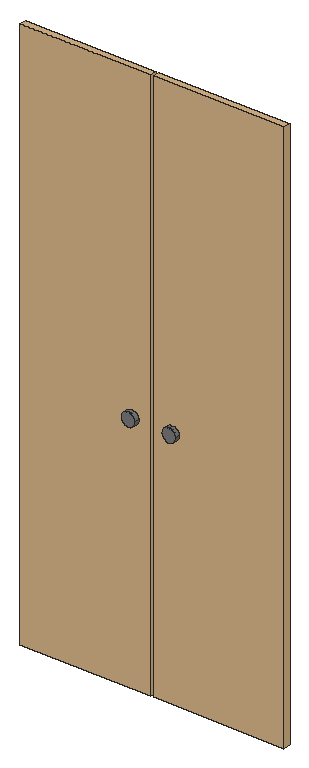
Revit family "PKNail Double", category Doors, host Wall, Revit 2017
Family settings
  Host = Wall
  Always vertical = Yes
  Cut with Voids When Loaded = No
  Shared = No
  Room Calculation Point = No
Parameters (values of type "1000 x 2100mm")
  Width = 1000.00 mm
  PKNail Family Lateral Orientation = "None"
  PKNail Family Facing Orientation = "Swinging"
  PKNail Family = "Double"
  Height = 2100.00 mm
  Function = Interior
  Assembly Code = ""
Reference planes
  plane 1: y = 0
  plane 2 "Center (Left/Right)": x = 0
  plane 3 "Wall Edge": y = 76.2
  plane 4: x = -500
  plane 5: x = 500
  plane 6: z = 2100
Forms (mm)
  Extrusion 1, void
    sketch origin (0, 76.2, 0) x (1, 0, 0) y (0, 0, 1)
      loop
        line (500, 2100) -> (-500, 2100) -> (-500, 0) -> (500, 0) -> (500, 2100)
    from 0 to 1524
  Extrusion 2, solid, material "Door - Panel"
    sketch origin (0, 76.2, 0) x (1, 0, 0) y (0, 0, 1)
      loop
        line (6.35, 3.175) -> (496.825, 3.175) -> (496.825, 2096.825) -> (6.35, 2096.825) -> (6.35, 3.175)
    from 0 to 25
  Extrusion 3, solid, material "Door - Panel"
    sketch origin (-460.375, 76.2, 0) x (1, 0, 0) y (0, 0, 1)
      loop
        line (-36.45, 3.175) -> (454.025, 3.175) -> (454.025, 2096.825) -> (-36.45, 2096.825) -> (-36.45, 3.175)
    from 0 to 25
  Extrusion 4, solid, material "Door - Knob"
    sketch origin (-69.85, 76.2, 914.4) x (1, 0, 0) y (0, 0, 1)
      loop
        circle (-6.35, 3.175) r 25.4
    from 0 to -19.05
  Extrusion 5, solid, material "Door - Knob"
    sketch origin (82.55, 76.2, 914.4) x (1, 0, 0) y (0, 0, 1)
      loop
        circle (-6.35, 3.175) r 25.4
    from 0 to -19.05
  Extrusion 6, solid, material "Door - Knob"
    sketch origin (-6.35, 76.2, 304.8) x (1, 0, 0) y (0, 0, 1)
      loop
        circle (82.55, 612.775) r 25.4
    from 41.117 to 25.4
  Extrusion 7, solid, material "Door - Knob"
    sketch origin (-158.75, 76.2, 304.8) x (1, 0, 0) y (0, 0, 1)
      loop
        circle (82.55, 612.775) r 25.4
    from 41.117 to 25.4
Lines and regions (mm)
  symbolic lines
    curve 1: line (500, 76.2, 0) -> (500, 569.85, 0)
    curve 2: line (475, 76.2, 0) -> (475, 569.217, 0)
    curve 3: arc (6.35, 76.2, 0) -> (150.937, 425.263, 0) -> (500, 569.85, 0) r 493.65
    curve 4: arc (-9.52, 76.185, 0) -> (-153.178, 423.006, 0) -> (-500, 566.665, 0) r 490.48
    curve 5: line (-500, 76.2, 0) -> (-500, 566.665, 0)
    curve 6: line (-475, 76.2, 0) -> (-475, 566.675, 0)
Text (mm)
  text "Placement Side" at (0, 1019.848, 3124.603), in view "Right"
  text "Placement Side" at (-2332.134, 1152.858, 0), in view "Ref. Level"
  text "Placement Side" at (0, 2073.289, 3571.227), in view "Left"
Dimensions and locks
  locked: plane 3 "Wall Edge" to host wall
  equal spacing: plane 5, plane 2 "Center (Left/Right)", plane 4
  "Width": plane 5 to plane 4
  "Height": level to plane 6
  aligned and locked: plane 5 to Extrusion 1 sketch curve
  aligned and locked: plane 6 to Extrusion 1 sketch curve
  aligned and locked: level to Extrusion 1 sketch curve
  aligned and locked: Extrusion 1 sketch curve to plane 4
Automatic sketch dimensions
  curve 5 to host wall = 0.00 mm
  curve 4 to host wall = 0.015 mm
  curve 6 to host wall = 0.00 mm
  curve 3 to host wall = 0.00 mm
  curve 2 to host wall = 0.00 mm
  curve 3 to plane 5 = 0.00 mm
  curve 1 to host wall = 0.00 mm
  curve 2 to plane 5 = 25.00 mm
  plane 2 "Center (Left/Right)" to curve 3 = 6.35 mm
  plane 4 to curve 6 = 25.00 mm
  plane 4 to curve 4 = 0.00 mm
  curve 4 to curve 6 = 0.01 mm
  plane 2 "Center (Left/Right)" to Extrusion 2 sketch curve = 6.35 mm
  Extrusion 2 sketch curve to plane 5 = 3.175 mm
  level to Extrusion 2 sketch curve = 3.175 mm
  Extrusion 2 sketch curve to plane 6 = 3.175 mm
  plane 4 to Extrusion 3 sketch curve = 3.175 mm
  level to Extrusion 3 sketch curve = 3.175 mm
  Extrusion 3 sketch curve to plane 2 "Center (Left/Right)" = 6.35 mm
  Extrusion 3 sketch curve to plane 6 = 3.175 mm
  Extrusion 4 sketch curve to plane 2 "Center (Left/Right)" = 76.20 mm
  level to Extrusion 4 sketch curve = 917.575 mm
  plane 2 "Center (Left/Right)" to Extrusion 5 sketch curve = 76.20 mm
  level to Extrusion 5 sketch curve = 917.575 mm
  plane 2 "Center (Left/Right)" to Extrusion 6 sketch curve = 76.20 mm
  level to Extrusion 6 sketch curve = 917.575 mm
  Extrusion 7 sketch curve to plane 2 "Center (Left/Right)" = 76.20 mm
  level to Extrusion 7 sketch curve = 917.575 mm
  host wall to curve 5 = 490.465 mm
  radius of Extrusion 4 sketch curve = 25.40 mm
  radius of Extrusion 5 sketch curve = 25.40 mm
  radius of Extrusion 6 sketch curve = 25.40 mm
  radius of Extrusion 7 sketch curve = 25.40 mm
